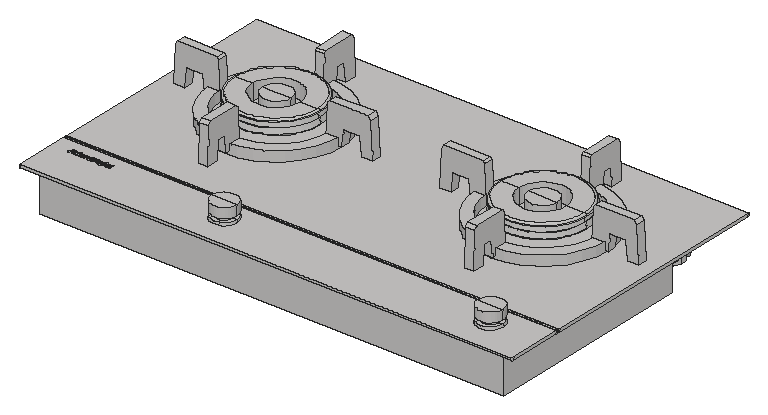
Revit family "CG752DNGGB1 COOKTOP", category Generic Models, Revit 2013
Parameters (values of type "Fisher&Paykel Cooktop CG752DNGGB1")
  Width = 750.000 mm
  URL = "www.fisherpaykel.com"
  Model = "CG752DNGGB1"
  Manufacturer = "Fisher&Paykel"
  Height = 59.150 mm
  Description = "Fisher&Paykel Cooktop CG752DNGGB1"
  Depth = 450.000 mm
  Cooktop = Stainless steel
  Burner = Stainless steel
  Brand = none
  Body = Body
Reference planes
  plane 1 "Center (Front/Back)": y = 15.3
  plane 2: z = 0
  plane 3 "Center (Left/Right)": x = 0
  plane 4: y = 465.3
  plane 5: x = 375
  plane 6: x = -375
  plane 7: y = 240.3
  plane 8: z = 59.15
  plane 9: y = 100.3
  plane 10: y = 103.3
  plane 11: z = 64.15
Forms (mm)
  Extrusion 1, solid, material "Stainless steel" <- "Cooktop"
    sketch origin (0, 0, 0) x (1, 0, 0) y (0, 1, 0)
      loop
        line (353, 26.8) -> (353, 346.576) -> (250.957, 432.2) -> (-353, 432.2) -> (-353, 26.8) -> (353, 26.8)
    from 0 to 59.15
  Extrusion 2, solid, material "Stainless steel" <- "Cooktop"
    sketch origin (0, 0, 0) x (1, 0, 0) y (0, 1, 0)
      loop
        line (373, 465.3) -> (-373, 465.3)
        arc (-373, 465.3) -> (-374.414, 464.714) -> (-375, 463.3) r 2
        line (-375, 463.3) -> (-375, 105.3)
        arc (-375, 105.3) -> (-374.414, 103.886) -> (-373, 103.3) r 2
        line (-373, 103.3) -> (373, 103.3)
        arc (373, 103.3) -> (374.414, 103.886) -> (375, 105.3) r 2
        line (375, 105.3) -> (375, 463.3)
        arc (375, 463.3) -> (374.414, 464.714) -> (373, 465.3) r 2
    from 60.15 to 64.15
  Revolve 3, solid, material "Stainless steel" <- "Burner"
    sketch origin (0, 288.8, 0) x (1, 0, 0) y (0, 0, 1)
      loop
        line (-259.663, 79.3) -> (-202.5, 79.3) -> (-202.5, 102.942) -> (-265.337, 102.942)
        arc (-265.337, 102.942) -> (-267.163, 102.322) -> (-268.234, 100.718) r 3
        line (-268.234, 100.718) -> (-268.545, 99.559) -> (-266.613, 99.041) -> (-264.784, 99.041) -> (-266.166, 91.2) -> (-267.686, 91.2) -> (-269.533, 83.2) -> (-268.533, 82.2) -> (-262.363, 82.2) -> (-259.663, 80.941) -> (-259.663, 79.3)
      axis (-202.5, 79.3) -> (-202.5, 102.942)
    angle from 0 to 360
  Extrusion 4, solid, material "Stainless steel" <- "Burner"
    sketch origin (230.802, 15.3, 0) x (1, 0, 0) y (0, 0, 1)
      loop
        line (-329.018, 68.35) -> (-326.422, 93.05) -> (-302.182, 93.05) -> (-299.302, 65.65) -> (-282.302, 65.65) -> (-284.663, 119.74) -> (-288.033, 125.577)
        arc (-288.033, 125.577) -> (-318.054, 125.149) -> (-348.075, 124.791) r 12978.029
        line (-348.075, 124.791) -> (-350.854, 121.704) -> (-353.184, 68.35) -> (-329.018, 68.35)
    from -280 to -267
  Extrusion 5, solid, material "Stainless steel" <- "Burner"
    sketch origin (0, 15.3, 0) x (1, 0, 0) y (0, 0, 1)
      loop
        line (-353.5, 65.65) -> (-336.5, 65.65) -> (-333.609, 93.152) -> (-309.391, 93.152) -> (-306.784, 68.35) -> (-282.618, 68.35) -> (-284.947, 121.704) -> (-287.726, 124.791)
        arc (-287.726, 124.791) -> (-317.748, 125.149) -> (-347.769, 125.577) r 12978.029
        line (-347.769, 125.577) -> (-351.138, 119.74) -> (-353.5, 65.65)
    from -280 to -267
  Revolve 6, solid, material "Stainless steel" <- "Burner"
    sketch origin (0, 67.3, 0) x (1, 0, 0) y (0, 0, 1)
      loop
        line (-105, 64.15) -> (-105, 87.797) -> (-124.05, 87.797) -> (-124.05, 73.687) -> (-117.263, 73.687) -> (-117.263, 67.693) -> (-123.994, 67.693) -> (-124.53, 64.15) -> (-105, 64.15)
      axis (-105, 64.15) -> (-105, 87.797)
    angle from 0 to 360
  Revolve 7, solid, material "Stainless steel" <- "Burner"
    sketch origin (404.993, 67.3, 0) x (1, 0, 0) y (0, 0, 1)
      loop
        line (-105, 64.15) -> (-105, 87.802) -> (-124.05, 87.802) -> (-124.05, 73.694) -> (-117.263, 73.694) -> (-117.263, 67.696) -> (-123.993, 67.696) -> (-124.53, 64.15) -> (-105, 64.15)
      axis (-105, 64.15) -> (-105, 87.802)
    angle from 0 to 360
  Extrusion 8, solid, material "Stainless steel" <- "Burner"
    sketch origin (-405, -15.5, 0) x (0, 1, 0) y (0, 0, 1)
      loop
        line (444.3, 65.65) -> (441.938, 119.74) -> (438.663, 125.414)
        arc (438.663, 125.414) -> (414.095, 125.079) -> (389.526, 124.791) r 12976.807
        line (389.526, 124.791) -> (386.747, 121.704) -> (384.418, 68.35) -> (408.584, 68.35) -> (411.18, 93.05) -> (424.42, 93.05) -> (427.3, 65.65) -> (444.3, 65.65)
    from 195.929 to 209.071
  Extrusion 9, solid, material "Stainless steel" <- "Burner"
    sketch origin (0, 15.312, 0) x (1, 0, 0) y (0, 1, 0)
      loop
        circle (-202.5, 273.494) r 99.403
      loop
        circle (-202.5, 273.494) r 82.682
    from 64.15 to 79.3
  Extrusion 10, solid, material "Stainless steel" <- "Burner"
    sketch origin (-405, 593.1, 0) x (0, -1, 0) y (0, 0, -1)
      loop
        line (444.3, -65.65) -> (427.3, -65.65) -> (424.42, -93.05) -> (411.036, -93.05) -> (408.584, -68.35) -> (384.418, -68.35) -> (386.747, -121.704) -> (389.526, -124.791)
        arc (389.526, -124.791) -> (414.095, -125.079) -> (438.663, -125.414) r 12976.807
        line (438.663, -125.414) -> (441.938, -119.74) -> (444.3, -65.65)
    from 195.929 to 209.071
  Revolve 11, solid, material "Stainless steel" <- "Burner"
    sketch origin (0, 288.8, 0) x (-1, 0, 0) y (0, 0, -1)
      loop
        line (-258.101, -79.3) -> (-258.101, -80.649) -> (-261.426, -82.2) -> (-268.533, -82.2) -> (-269.533, -83.2) -> (-267.686, -91.2) -> (-266.166, -91.2) -> (-264.784, -99.041) -> (-266.613, -99.041) -> (-268.545, -99.559) -> (-268.234, -100.718)
        arc (-268.234, -100.718) -> (-267.163, -102.322) -> (-265.337, -102.942) r 3
        line (-265.337, -102.942) -> (-202.5, -102.942) -> (-202.5, -79.3) -> (-258.101, -79.3)
      axis (-202.5, -79.3) -> (-202.5, -102.942)
    angle from 0 to 360
  Extrusion 12, solid, material "Stainless steel" <- "Burner"
    sketch origin (-230.802, 15.3, 0) x (-1, 0, 0) y (0, 0, -1)
      loop
        line (-353.184, -68.35) -> (-350.854, -121.704) -> (-348.075, -124.791)
        arc (-348.075, -124.791) -> (-318.054, -125.149) -> (-288.033, -125.577) r 12978.029
        line (-288.033, -125.577) -> (-284.663, -119.74) -> (-282.302, -65.65) -> (-299.302, -65.65) -> (-302.182, -93.05) -> (-326.422, -93.05) -> (-329.018, -68.35) -> (-353.184, -68.35)
    from -280 to -267
  Extrusion 13, solid, material "Stainless steel" <- "Burner"
    sketch origin (0, 15.3, 0) x (-1, 0, 0) y (0, 0, -1)
      loop
        line (-353.5, -65.65) -> (-351.138, -119.74) -> (-347.769, -125.577)
        arc (-347.769, -125.577) -> (-317.748, -125.149) -> (-287.726, -124.791) r 12978.029
        line (-287.726, -124.791) -> (-284.947, -121.704) -> (-282.618, -68.35) -> (-307.316, -68.35) -> (-309.236, -93.05) -> (-333.62, -93.05) -> (-336.5, -65.65) -> (-353.5, -65.65)
    from -280 to -267
  Extrusion 14, solid, material "Stainless steel" <- "Burner"
    sketch origin (405, -15.5, 0) x (0, 1, 0) y (0, 0, -1)
      loop
        line (444.3, -65.65) -> (427.3, -65.65) -> (424.42, -93.05) -> (411.18, -93.05) -> (408.584, -68.35) -> (384.418, -68.35) -> (386.747, -121.704) -> (389.526, -124.791)
        arc (389.526, -124.791) -> (414.095, -125.079) -> (438.663, -125.414) r 12976.807
        line (438.663, -125.414) -> (441.938, -119.74) -> (444.3, -65.65)
    from 195.929 to 209.071
  Extrusion 15, solid, material "Stainless steel" <- "Burner"
    sketch origin (0, 15.312, 0) x (-1, 0, 0) y (0, -1, 0)
      loop
        circle (-202.5, -273.494) r 99.403
      loop
        circle (-202.5, -273.494) r 82.682
    from 64.15 to 79.3
  Extrusion 16, solid, material "Stainless steel" <- "Burner"
    sketch origin (405, 593.1, 0) x (0, -1, 0) y (0, 0, 1)
      loop
        line (444.3, 65.65) -> (441.938, 119.74) -> (438.663, 125.414)
        arc (438.663, 125.414) -> (414.095, 125.079) -> (389.526, 124.791) r 12976.807
        line (389.526, 124.791) -> (386.747, 121.704) -> (384.418, 68.35) -> (408.584, 68.35) -> (411.036, 93.05) -> (424.42, 93.05) -> (427.3, 65.65) -> (444.3, 65.65)
    from 195.929 to 209.071
  Extrusion 17, void
    sketch origin (0, 0, 0) x (1, 0, 0) y (0, 1, 0)
      loop
        circle (-202.482, 288.8) r 21.784
      loop
        circle (-202.482, 288.8) r 36.242
      loop
        circle (202.482, 288.8) r 21.784
      loop
        circle (202.482, 288.8) r 36.242
    from 65.35 to 102.992
  Extrusion 18, solid, material "Stainless steel" <- "Cooktop"
    sketch origin (0, 0, 0) x (1, 0, 0) y (0, 1, 0)
      loop
        line (-373, 15.3) -> (373, 15.3)
        arc (373, 15.3) -> (374.414, 15.886) -> (375, 17.3) r 2
        line (375, 17.3) -> (375, 98.3)
        arc (375, 98.3) -> (374.414, 99.714) -> (373, 100.3) r 2
        line (373, 100.3) -> (-373, 100.3)
        arc (-373, 100.3) -> (-374.414, 99.714) -> (-375, 98.3) r 2
        line (-375, 98.3) -> (-375, 17.3)
        arc (-375, 17.3) -> (-374.414, 15.886) -> (-373, 15.3) r 2
    from 60.15 to 64.15
  Extrusion 19, solid
    sketch origin (0, 15.3, 0) x (1, 0, 0) y (0, 0, 1)
      loop
        line (-372, 59.15) -> (372, 59.15) -> (372, 60.15) -> (-372, 60.15) -> (-372, 59.15)
    from -447 to -3
  Extrusion 20, solid, material "Stainless steel" <- "Cooktop"
    sketch origin (0, 15.3, 0) x (1, 0, 0) y (0, 0, 1)
      loop
        line (373.035, 64.95) -> (-373.035, 64.95)
        arc (-373.035, 64.95) -> (-373.703, 64.673) -> (-373.98, 64.005) r 0.945
        line (-373.98, 64.005) -> (-373.98, 60.15) -> (373.98, 60.15) -> (373.98, 64.005)
        arc (373.98, 64.005) -> (373.703, 64.673) -> (373.035, 64.95) r 0.945
    from -88 to -85
  Revolve 21, solid, material "Stainless steel" <- "Cooktop"
    sketch origin (75, 189.71, 29.65) x (1, 0, 0) y (0, 1, 0)
      loop
        line (263.45, 169.075) -> (263.45, 188.45) -> (255.5, 188.45) -> (255.5, 169.075) -> (263.45, 169.075)
      axis (255.5, 188.45) -> (255.5, 169.075)
    angle from 0 to 360
  Extrusion 22, solid, material "Stainless steel" <- "Cooktop"
    sketch origin (75, 184.866, 623.091) x (1, 0, 0) y (0, 0, 1)
      loop
        line (268.2, -586.07) -> (255.5, -578.737) -> (242.8, -586.07) -> (242.8, -600.735) -> (255.5, -608.067) -> (268.2, -600.735) -> (268.2, -586.07)
      loop
        circle (255.5, -593.402) r 7.95
    from -200.294 to -193.294
  Revolve 23, solid, material "Stainless steel" <- "Cooktop"
    sketch origin (75, 189.71, 29.688) x (1, 0, 0) y (0, 1, 0)
      loop
        line (264.75, 198.45) -> (255.5, 198.45) -> (255.5, 195.45) -> (264.75, 195.45) -> (264.75, 198.45)
      axis (255.5, 195.45) -> (255.5, 198.45)
    angle from 0 to 360
  Revolve 24, solid, material "Stainless steel" <- "Cooktop"
    sketch origin (75, 189.71, 29.688) x (1, 0, 0) y (0, 1, 0)
      loop
        line (265.93, 207.45) -> (264.93, 208.45) -> (255.5, 208.45) -> (255.5, 198.45) -> (264.75, 198.45) -> (265.93, 199.131) -> (265.93, 207.45)
      axis (255.5, 198.45) -> (255.5, 208.45)
    angle from 0 to 360
  Revolve 25, solid, material "Stainless steel" <- "Cooktop"
    sketch origin (75, 189.71, 29.687) x (1, 0, 0) y (0, 1, 0)
      loop
        line (263.9, 210.55) -> (255.5, 210.55) -> (255.5, 208.455) -> (263.9, 208.455)
        arc (263.9, 208.455) -> (264.324, 208.63) -> (264.5, 209.055) r 0.6
        line (264.5, 209.055) -> (264.5, 209.95)
        arc (264.5, 209.95) -> (264.324, 210.374) -> (263.9, 210.55) r 0.6
      axis (255.5, 208.455) -> (255.5, 210.55)
    angle from 0 to 360
  Extrusion 26, solid, material <- "Brand"
    sketch origin (-317.398, 34.3, -235.936) x (1, 0, 0) y (0, 1, 0)
      loop
        line (-30.953, 48.191) -> (-32.602, 42) -> (-31.116, 42) -> (-30.444, 44.543) -> (-26.996, 44.543) -> (-26.73, 45.526) -> (-30.177, 45.526) -> (-29.735, 47.208) -> (-26.103, 47.208) -> (-25.836, 48.191) -> (-30.953, 48.191)
      loop
        line (-25.656, 47.301) -> (-24.344, 47.301) -> (-24.101, 48.191) -> (-25.412, 48.191) -> (-25.656, 47.301)
      loop
        line (-25.913, 46.334) -> (-27.061, 42) -> (-25.749, 42) -> (-24.599, 46.334) -> (-25.913, 46.334)
      loop
        line (29.651, 42) -> (30.963, 42) -> (32.611, 48.191) -> (31.299, 48.191) -> (29.651, 42)
      loop
        spline (-17.927, 44.459) -> (-17.736, 44.873) -> (-17.532, 45.165) -> (-17.315, 45.355) -> (-17.083, 45.464) -> (-16.835, 45.515) -> (-16.57, 45.528) -> (-16.288, 45.522) -> (-16.008, 45.495) -> (-15.763, 45.428) -> (-15.587, 45.301) -> (-15.512, 45.096) -> (-15.571, 44.794)
        line (-15.571, 44.794) -> (-16.314, 42) -> (-15.002, 42) -> (-14.225, 44.942)
        spline (-14.225, 44.942) -> (-14.121, 45.59) -> (-14.294, 45.988) -> (-14.6, 46.208) -> (-14.904, 46.319) -> (-15.172, 46.364) -> (-15.417, 46.374) -> (-15.658, 46.373) -> (-15.914, 46.372) -> (-16.209, 46.367) -> (-16.568, 46.328) -> (-17.025, 46.129) -> (-17.613, 45.62)
        line (-17.613, 45.62) -> (-16.929, 48.191) -> (-18.24, 48.191) -> (-19.888, 42) -> (-18.576, 42) -> (-17.927, 44.459)
      loop
        line (-6.508, 46.334) -> (-7.819, 46.334) -> (-8.968, 42) -> (-7.655, 42) -> (-6.983, 44.551)
        spline (-6.983, 44.551) -> (-6.825, 44.942) -> (-6.666, 45.208) -> (-6.502, 45.374) -> (-6.328, 45.467) -> (-6.14, 45.512) -> (-5.935, 45.535) -> (-5.714, 45.55) -> (-5.504, 45.537) -> (-5.332, 45.468) -> (-5.228, 45.317) -> (-5.222, 45.055) -> (-5.342, 44.655)
        line (-5.342, 44.655) -> (-4.104, 44.655)
        spline (-4.104, 44.655) -> (-3.933, 45.488) -> (-3.978, 45.922) -> (-4.147, 46.117) -> (-4.349, 46.226) -> (-4.553, 46.308) -> (-4.765, 46.36) -> (-4.99, 46.385) -> (-5.239, 46.387) -> (-5.523, 46.375) -> (-5.859, 46.31) -> (-6.277, 46.089) -> (-6.804, 45.601)
        line (-6.804, 45.601) -> (-6.508, 46.334)
      loop
        line (15.879, 42) -> (16.66, 42)
        arc (16.66, 42) -> (16.268, 41.456) -> (15.756, 41.023) r 2.757
        arc (15.756, 41.023) -> (15.343, 40.878) -> (14.905, 40.858) r 1.509
        line (14.905, 40.858) -> (14.697, 40.097)
        arc (14.697, 40.097) -> (15.285, 40.084) -> (15.87, 40.159) r 3.922
        arc (15.87, 40.159) -> (16.608, 40.447) -> (17.208, 40.963) r 2.353
        arc (17.208, 40.963) -> (17.497, 41.337) -> (17.761, 41.73) r 7.064
        line (17.761, 41.73) -> (20.407, 46.334) -> (19.05, 46.334) -> (17.017, 42.678) -> (16.646, 46.334) -> (15.254, 46.334) -> (15.879, 42)
      loop
        line (19.436, 42) -> (20.748, 42) -> (21.258, 43.92) -> (22.039, 43.92) -> (23.292, 42) -> (24.905, 42) -> (23.246, 44.292) -> (25.671, 46.334) -> (24.162, 46.334) -> (22.26, 44.646) -> (21.456, 44.646) -> (22.394, 48.191) -> (21.084, 48.191) -> (19.436, 42)
      loop
        line (2.998, 42) -> (4.483, 42) -> (5.017, 43.995) -> (6.747, 43.995)
        spline (6.747, 43.995) -> (7.933, 44.048) -> (8.739, 44.196) -> (9.27, 44.422) -> (9.631, 44.71) -> (9.89, 45.057) -> (10.084, 45.469) -> (10.251, 45.951) -> (10.415, 46.505) -> (10.469, 47.083) -> (10.237, 47.607) -> (9.543, 48.002) -> (8.209, 48.191)
        line (8.209, 48.191) -> (4.646, 48.191) -> (2.998, 42)
      loop
        line (5.865, 47.208) -> (5.285, 45.016) -> (6.956, 45.016)
        spline (6.956, 45.016) -> (7.522, 44.999) -> (7.939, 45.072) -> (8.239, 45.22) -> (8.451, 45.427) -> (8.606, 45.677) -> (8.733, 45.954) -> (8.843, 46.241) -> (8.901, 46.521) -> (8.862, 46.775) -> (8.682, 46.987) -> (8.318, 47.137) -> (7.725, 47.208)
        line (7.725, 47.208) -> (5.865, 47.208)
      loop
        line (-12.473, 44.626) -> (-10.105, 44.626)
        spline (-10.105, 44.626) -> (-9.998, 45.033) -> (-10.042, 45.309) -> (-10.205, 45.479) -> (-10.456, 45.567) -> (-10.763, 45.597) -> (-11.095, 45.593) -> (-11.42, 45.574) -> (-11.724, 45.529) -> (-11.992, 45.436) -> (-12.215, 45.269) -> (-12.379, 45.007) -> (-12.473, 44.626)
      loop
        arc (-8.991, 43.977) -> (-8.82, 44.525) -> (-8.699, 45.086) r 6.578
        arc (-8.699, 45.086) -> (-8.767, 45.677) -> (-9.142, 46.139) r 1.061
        arc (-9.142, 46.139) -> (-10.343, 46.352) -> (-11.564, 46.335) r 6.441
        arc (-11.564, 46.335) -> (-12.678, 46.071) -> (-13.512, 45.287) r 2.216
        arc (-13.512, 45.287) -> (-14.004, 44.033) -> (-14.018, 42.686) r 3.733
        arc (-14.018, 42.686) -> (-13.551, 42.132) -> (-12.849, 41.954) r 1.185
        arc (-12.849, 41.954) -> (-11.682, 41.922) -> (-10.517, 42.002) r 12.327
        arc (-10.517, 42.002) -> (-9.541, 42.406) -> (-9.137, 43.382) r 1.38
        line (-9.137, 43.382) -> (-10.442, 43.382)
        spline (-10.442, 43.382) -> (-10.633, 43.06) -> (-10.878, 42.862) -> (-11.16, 42.761) -> (-11.465, 42.73) -> (-11.776, 42.742) -> (-12.078, 42.77) -> (-12.352, 42.807) -> (-12.581, 42.876) -> (-12.745, 43.003) -> (-12.826, 43.212) -> (-12.803, 43.529) -> (-12.659, 43.977)
        line (-12.659, 43.977) -> (-8.991, 43.977)
      loop
        line (26.22, 44.646) -> (28.587, 44.646)
        spline (28.587, 44.646) -> (28.695, 45.053) -> (28.651, 45.329) -> (28.488, 45.499) -> (28.237, 45.586) -> (27.929, 45.616) -> (27.598, 45.612) -> (27.272, 45.593) -> (26.969, 45.549) -> (26.7, 45.455) -> (26.478, 45.289) -> (26.314, 45.027) -> (26.22, 44.646)
      loop
        arc (29.702, 43.997) -> (29.872, 44.545) -> (29.994, 45.106) r 6.578
        arc (29.994, 45.106) -> (29.926, 45.697) -> (29.551, 46.159) r 1.061
        arc (29.551, 46.159) -> (28.349, 46.372) -> (27.129, 46.354) r 6.441
        arc (27.129, 46.354) -> (26.015, 46.091) -> (25.18, 45.306) r 2.216
        arc (25.18, 45.306) -> (24.689, 44.052) -> (24.675, 42.705) r 3.733
        arc (24.675, 42.705) -> (25.141, 42.152) -> (25.843, 41.973) r 1.185
        arc (25.843, 41.973) -> (27.011, 41.942) -> (28.175, 42.021) r 12.327
        arc (28.175, 42.021) -> (29.151, 42.425) -> (29.556, 43.402) r 1.38
        line (29.556, 43.402) -> (28.251, 43.402)
        spline (28.251, 43.402) -> (28.06, 43.08) -> (27.815, 42.882) -> (27.532, 42.781) -> (27.228, 42.75) -> (26.917, 42.761) -> (26.615, 42.789) -> (26.341, 42.826) -> (26.112, 42.896) -> (25.948, 43.023) -> (25.867, 43.232) -> (25.889, 43.548) -> (26.034, 43.997)
        line (26.034, 43.997) -> (29.702, 43.997)
      loop
        spline (14.905, 44.831) -> (14.952, 45.575) -> (14.749, 45.987) -> (14.392, 46.182) -> (13.973, 46.273) -> (13.542, 46.331) -> (13.095, 46.368) -> (12.626, 46.393) -> (12.125, 46.413) -> (11.602, 46.394) -> (11.088, 46.234) -> (10.615, 45.831) -> (10.217, 45.081)
        line (10.217, 45.081) -> (11.539, 45.081)
        arc (11.539, 45.081) -> (11.716, 45.506) -> (12.141, 45.683) r 0.602
        arc (12.141, 45.683) -> (12.791, 45.729) -> (13.429, 45.593) r 2.319
        arc (13.429, 45.593) -> (13.622, 45.22) -> (13.568, 44.805) r 0.7
        line (13.568, 44.805) -> (13.339, 44.058)
        spline (13.339, 44.058) -> (12.245, 44.554) -> (11.326, 44.546) -> (10.604, 44.382) -> (10.059, 44.063) -> (9.687, 43.586) -> (9.523, 43.039) -> (9.567, 42.569) -> (9.83, 42.263) -> (10.377, 42.066) -> (11.192, 41.955) -> (12.196, 42.06) -> (13.211, 42.909)
        line (13.211, 42.909) -> (12.84, 42) -> (14.151, 42) -> (14.905, 44.831)
      loop
        spline (10.791, 43.189) -> (10.85, 43.028) -> (10.988, 42.886) -> (11.196, 42.773) -> (11.459, 42.697) -> (11.761, 42.663) -> (12.08, 42.673) -> (12.395, 42.727) -> (12.683, 42.821) -> (12.926, 42.948) -> (13.107, 43.1) -> (13.214, 43.267) -> (13.239, 43.437)
        spline (13.239, 43.437) -> (13.181, 43.598) -> (13.043, 43.74) -> (12.835, 43.853) -> (12.571, 43.929) -> (12.269, 43.963) -> (11.95, 43.952) -> (11.636, 43.899) -> (11.347, 43.805) -> (11.104, 43.677) -> (10.923, 43.525) -> (10.816, 43.359) -> (10.791, 43.189)
      loop
        spline (-25.091, 43.365) -> (-24.368, 41.974) -> (-22.868, 41.868) -> (-21.596, 42.032) -> (-20.619, 42.442) -> (-20.004, 43.175) -> (-19.942, 44) -> (-20.657, 44.502) -> (-22.028, 44.588) -> (-23.017, 44.731) -> (-23.144, 45.238) -> (-22.057, 45.702) -> (-20.968, 45.146)
        line (-20.968, 45.146) -> (-19.702, 45.146)
        spline (-19.702, 45.146) -> (-20.343, 46.27) -> (-21.728, 46.416) -> (-22.949, 46.35) -> (-23.902, 45.984) -> (-24.392, 45.158) -> (-24.435, 44.26) -> (-23.558, 43.881) -> (-22.302, 43.821) -> (-21.435, 43.661) -> (-21.308, 43.146) -> (-22.51, 42.606) -> (-23.602, 43.365)
        line (-23.602, 43.365) -> (-25.091, 43.365)
      loop
        arc (1.581, 43.253) -> (1.836, 43.853) -> (1.985, 44.487) r 3.817
        line (1.985, 44.487) -> (1.204, 44.487)
        arc (1.204, 44.487) -> (1.115, 44.103) -> (1, 43.726) r 5.753
        line (1, 43.726) -> (-0.639, 45.055)
        spline (-0.639, 45.055) -> (1.145, 45.487) -> (1.638, 45.914) -> (1.852, 46.489) -> (1.755, 47.074) -> (1.332, 47.367) -> (0.759, 47.514) -> (0.083, 47.596) -> (-0.69, 47.598) -> (-1.41, 47.449) -> (-1.97, 47.09) -> (-2.36, 46.487) -> (-2.16, 45.237)
        spline (-2.16, 45.237) -> (-3.4, 44.72) -> (-3.75, 44.178) -> (-3.901, 43.635) -> (-3.998, 43.033) -> (-3.893, 42.512) -> (-3.501, 42.221) -> (-2.981, 42.061) -> (-2.42, 41.973) -> (-1.798, 41.942) -> (-1.003, 41.939) -> (0.023, 42.04) -> (1.156, 42.614)
        line (1.156, 42.614) -> (2.01, 41.939) -> (2.608, 42.441) -> (1.581, 43.253)
      loop
        spline (-1.714, 44.884) -> (-2.588, 44.583) -> (-2.927, 44.075) -> (-3.094, 43.547) -> (-3.165, 43.101) -> (-3.068, 42.793) -> (-2.802, 42.621) -> (-2.43, 42.538) -> (-1.983, 42.502) -> (-1.428, 42.492) -> (-0.727, 42.496) -> (0.025, 42.613) -> (0.617, 43.041)
        line (0.617, 43.041) -> (-1.714, 44.884)
      loop
        line (-1.059, 45.395) -> (0.136, 45.584)
        spline (0.136, 45.584) -> (0.942, 46.002) -> (1.066, 46.466) -> (1.028, 46.78) -> (0.826, 46.95) -> (0.458, 47.013) -> (0.008, 47.02) -> (-0.45, 46.997) -> (-0.853, 46.94) -> (-1.175, 46.82) -> (-1.452, 46.567) -> (-1.592, 46.108) -> (-1.059, 45.395)
    from 300.086 to 300.529
  Extrusion 27, void
    sketch origin (0, 189.5, 0) x (1, 0, 0) y (0, 1, 0)
      loop
        line (-31, 242.7) -> (-31, 153.3) -> (31, 153.3) -> (31, 242.7) -> (-31, 242.7)
    from 0 to 30
  Revolve 28, solid, material "Stainless steel" <- "Cooktop"
    sketch origin (0, 189.5, 15) x (1, 0, 0) y (0, 1, 0)
      loop
        line (0, 242.7) -> (-3, 242.7) -> (-3, 229.613) -> (0, 229.613) -> (0, 242.7)
      axis (0, 229.613) -> (0, 242.7)
    angle from 0 to 360
  Extrusion 29, solid, material "Stainless steel" <- "Cooktop"
    sketch origin (0, 189.5, 0) x (1, 0, 0) y (0, 1, 0)
      loop
        line (-20, 171.023) -> (20, 171.023) -> (20, 229.613) -> (-20, 229.613) -> (-20, 171.023)
    from 0 to 30
Cuts and joins
  Extrusion 17, Extrusion 27 cuts Extrusion 1
  Extrusion 17 cuts Extrusion 2
  Extrusion 17 cuts Revolve 3
  Extrusion 17 cuts Revolve 11
Lines and regions (mm)
  model lines
    curve 1: line (-20, 363.303, 0) -> (20, 363.303, 0)
    curve 2: line (-20, 398.894, 0) -> (20, 398.894, 0)
Dimensions and locks
  "Width": plane 6 to plane 5
  equal spacing: plane 6, plane 3 "Center (Left/Right)", plane 5
  equal spacing: plane 1 "Center (Front/Back)", plane 7, plane 4
  "Height": plane 8 to level
  "Depth": plane 4 to plane 1 "Center (Front/Back)"
  plane 10 to plane 9 to plane 1 "Center (Front/Back)" = 3.000 mm, 85.000 mm
  plane 11 to Extrusion 18 = 4.000 mm
  aligned and locked: plane 8 to cut or joined group of Extrusion 1, Extrusion 17, Extrusion 27
  aligned and locked: Extrusion 9 to plane 11
Automatic sketch dimensions
  Extrusion 2 sketch curve to plane 4 = 0.000 mm
  plane 6 to Extrusion 2 sketch curve = 2.000 mm
  plane 8 to Revolve 6 sketch curve = 5.000 mm
  Revolve 6 sketch curve to plane 3 "Center (Left/Right)" = 124.530 mm
  Revolve 6 sketch curve to Revolve 6 sketch curve = 0.480 mm
  plane 8 to Revolve 6 sketch curve = 8.543 mm
  Revolve 6 sketch curve to Revolve 6 sketch curve = 0.537 mm
  Revolve 6 sketch curve to Revolve 6 sketch curve = 6.787 mm
  Revolve 6 sketch curve to Revolve 6 sketch curve = 12.263 mm
  Revolve 6 sketch curve to Revolve 6 sketch curve = 0.000 mm  (x2)
  Revolve 6 sketch curve to Revolve 6 sketch curve = 5.994 mm
  Revolve 6 sketch curve to Revolve 6 sketch curve = 14.109 mm
  Revolve 6 sketch curve to Revolve 6 sketch curve = 0.047 mm
  Revolve 6 sketch curve to Revolve 6 sketch curve = 4.953 mm
  plane 8 to Revolve 7 sketch curve = 5.000 mm
  Revolve 7 sketch curve to plane 5 = 94.537 mm
  Revolve 7 sketch curve to Revolve 7 sketch curve = 0.480 mm
  plane 8 to Revolve 7 sketch curve = 8.546 mm
  Revolve 7 sketch curve to Revolve 7 sketch curve = 0.537 mm
  Revolve 7 sketch curve to Revolve 7 sketch curve = 6.787 mm
  Revolve 7 sketch curve to Revolve 7 sketch curve = 12.263 mm
  Revolve 7 sketch curve to Revolve 7 sketch curve = 0.000 mm  (x2)
  Revolve 7 sketch curve to Revolve 7 sketch curve = 5.998 mm
  Revolve 7 sketch curve to Revolve 7 sketch curve = 14.107 mm
  Revolve 7 sketch curve to Revolve 7 sketch curve = 0.052 mm
  Revolve 7 sketch curve to Revolve 7 sketch curve = 4.948 mm
  Extrusion 9 sketch curve to Extrusion 9 sketch curve = 0.000 mm  (x2)
  plane 7 to Extrusion 9 sketch curve = 48.507 mm
  plane 6 to Extrusion 9 sketch curve = 172.500 mm
  Extrusion 15 sketch curve to Extrusion 15 sketch curve = 0.000 mm  (x2)
  Extrusion 15 sketch curve to plane 7 = 48.507 mm
  plane 5 to Extrusion 15 sketch curve = 172.500 mm
  Extrusion 17 sketch curve to Extrusion 17 sketch curve = 0.000 mm  (x4)
  plane 7 to Extrusion 17 sketch curve = 48.500 mm  (x2)
  plane 6 to Extrusion 17 sketch curve = 172.518 mm
  Extrusion 17 sketch curve to plane 5 = 172.518 mm
  plane 11 to Revolve 3 sketch curve = 19.050 mm
  plane 6 to Revolve 3 sketch curve = 105.467 mm
  plane 11 to Revolve 3 sketch curve = 15.150 mm
  plane 11 to Revolve 3 sketch curve = 35.409 mm
  Revolve 3 sketch curve to Revolve 3 sketch curve = 0.988 mm
  plane 11 to Revolve 3 sketch curve = 18.050 mm
  Revolve 3 sketch curve to Revolve 3 sketch curve = 1.000 mm
  Revolve 3 sketch curve to Revolve 3 sketch curve = 0.311 mm
  plane 11 to Revolve 3 sketch curve = 27.050 mm
  Revolve 3 sketch curve to Revolve 3 sketch curve = 1.847 mm
  Revolve 3 sketch curve to Revolve 3 sketch curve = 1.932 mm
  Revolve 3 sketch curve to Revolve 3 sketch curve = 2.898 mm
  Revolve 3 sketch curve to Revolve 3 sketch curve = 0.553 mm
  Revolve 3 sketch curve to Revolve 3 sketch curve = 6.169 mm
  plane 11 to Revolve 3 sketch curve = 16.791 mm
  Revolve 3 sketch curve to Revolve 3 sketch curve = 2.700 mm
  Revolve 3 sketch curve to Revolve 3 sketch curve = 57.163 mm
  plane 11 to Revolve 3 sketch curve = 34.891 mm
  Revolve 3 sketch curve to Revolve 3 sketch curve = 0.000 mm  (x2)
  Revolve 3 sketch curve to Revolve 3 sketch curve = 2.224 mm
  Revolve 3 sketch curve to Revolve 3 sketch curve = 10.000 mm
  plane 6 to Revolve 3 sketch curve = 108.834 mm
  plane 11 to Revolve 11 sketch curve = 19.050 mm
  Revolve 11 sketch curve to plane 5 = 105.467 mm
  plane 11 to Revolve 11 sketch curve = 38.792 mm
  plane 11 to Revolve 11 sketch curve = 35.409 mm
  Revolve 11 sketch curve to Revolve 11 sketch curve = 0.988 mm
  plane 11 to Revolve 11 sketch curve = 18.050 mm
  Revolve 11 sketch curve to Revolve 11 sketch curve = 1.000 mm
  plane 11 to Revolve 11 sketch curve = 36.568 mm
  Revolve 11 sketch curve to Revolve 11 sketch curve = 0.311 mm
  Revolve 11 sketch curve to Revolve 11 sketch curve = 1.847 mm
  Revolve 11 sketch curve to Revolve 11 sketch curve = 2.898 mm
  Revolve 11 sketch curve to Revolve 11 sketch curve = 7.107 mm
  Revolve 11 sketch curve to Revolve 11 sketch curve = 3.325 mm
  Revolve 11 sketch curve to Revolve 11 sketch curve = 55.601 mm
  plane 11 to Revolve 11 sketch curve = 27.050 mm
  Revolve 11 sketch curve to Revolve 11 sketch curve = 0.000 mm  (x2)
  Revolve 11 sketch curve to Revolve 11 sketch curve = 1.551 mm
  plane 11 to Revolve 11 sketch curve = 15.150 mm
  Revolve 11 sketch curve to Revolve 11 sketch curve = 10.000 mm
  Revolve 11 sketch curve to plane 5 = 108.834 mm
  Revolve 11 sketch curve to Revolve 11 sketch curve = 0.553 mm
  plane 11 to Revolve 11 sketch curve = 34.891 mm
  Extrusion 2 sketch curve to plane 4 = 2.000 mm
  plane 10 to Extrusion 2 sketch curve = 2.000 mm  (x2)
  Extrusion 2 sketch curve to plane 10 = 0.000 mm
  Extrusion 2 sketch curve to plane 5 = 0.000 mm
  Extrusion 2 sketch curve to plane 6 = 0.000 mm
  plane 6 to Extrusion 18 sketch curve = 2.000 mm
  Extrusion 18 sketch curve to plane 5 = 2.000 mm  (x2)
  plane 1 "Center (Front/Back)" to Extrusion 18 sketch curve = 0.000 mm
  Extrusion 18 sketch curve to plane 6 = 0.000 mm
  Extrusion 18 sketch curve to plane 1 "Center (Front/Back)" = 2.000 mm
  Extrusion 18 sketch curve to plane 9 = 0.000 mm
  Extrusion 18 sketch curve to plane 5 = 0.000 mm
  Extrusion 12 sketch curve to Extrusion 12 sketch curve = 24.166 mm
  Extrusion 12 sketch curve to Extrusion 12 sketch curve = 2.596 mm
  Extrusion 12 sketch curve to Extrusion 12 sketch curve = 24.240 mm
  Extrusion 12 sketch curve to Extrusion 12 sketch curve = 2.880 mm
  Extrusion 12 sketch curve to Extrusion 12 sketch curve = 17.000 mm
  Extrusion 12 sketch curve to Extrusion 12 sketch curve = 27.400 mm
  Extrusion 12 sketch curve to plane 11 = 4.200 mm
  Extrusion 12 sketch curve to plane 3 "Center (Left/Right)" = 122.382 mm
  Extrusion 12 sketch curve to plane 11 = 1.500 mm
  Extrusion 12 sketch curve to Extrusion 12 sketch curve = 17.518 mm
  Extrusion 12 sketch curve to Extrusion 12 sketch curve = 26.690 mm
  Extrusion 12 sketch curve to Extrusion 12 sketch curve = 3.370 mm
  Extrusion 12 sketch curve to Extrusion 12 sketch curve = 5.837 mm
  plane 5 to Extrusion 12 sketch curve = 117.812 mm
  Extrusion 12 sketch curve to Extrusion 12 sketch curve = 21.653 mm
  Extrusion 12 sketch curve to Extrusion 12 sketch curve = 31.741 mm
  Extrusion 12 sketch curve to plane 11 = 57.554 mm
  Extrusion 12 sketch curve to Extrusion 12 sketch curve = 2.779 mm
  plane 11 to Extrusion 4 sketch curve = 4.200 mm
  plane 11 to Extrusion 4 sketch curve = 1.500 mm
  plane 11 to Extrusion 4 sketch curve = 57.554 mm
  Extrusion 4 sketch curve to Extrusion 4 sketch curve = 2.779 mm
  plane 11 to Extrusion 4 sketch curve = 28.900 mm
  Extrusion 4 sketch curve to Extrusion 4 sketch curve = 24.240 mm
  Extrusion 4 sketch curve to Extrusion 4 sketch curve = 2.880 mm
  Extrusion 4 sketch curve to Extrusion 4 sketch curve = 14.148 mm
  Extrusion 4 sketch curve to Extrusion 4 sketch curve = 3.370 mm
  Extrusion 4 sketch curve to Extrusion 4 sketch curve = 17.000 mm
  plane 6 to Extrusion 4 sketch curve = 117.812 mm
  Extrusion 4 sketch curve to plane 3 "Center (Left/Right)" = 98.216 mm
  Extrusion 4 sketch curve to Extrusion 4 sketch curve = 26.690 mm
  Extrusion 4 sketch curve to Extrusion 4 sketch curve = 3.087 mm
  Extrusion 4 sketch curve to Extrusion 4 sketch curve = 5.837 mm
  Extrusion 4 sketch curve to plane 3 "Center (Left/Right)" = 120.053 mm
  Extrusion 4 sketch curve to Extrusion 4 sketch curve = 24.432 mm
  Extrusion 4 sketch curve to Extrusion 4 sketch curve = 24.166 mm
  plane 11 to Extrusion 5 sketch curve = 1.500 mm
  plane 6 to Extrusion 5 sketch curve = 21.500 mm
  plane 11 to Extrusion 5 sketch curve = 4.200 mm
  plane 6 to Extrusion 5 sketch curve = 23.862 mm
  Extrusion 5 sketch curve to Extrusion 5 sketch curve = 3.370 mm
  Extrusion 5 sketch curve to Extrusion 5 sketch curve = 17.000 mm
  Extrusion 5 sketch curve to Extrusion 5 sketch curve = 2.891 mm
  Extrusion 5 sketch curve to Extrusion 5 sketch curve = 24.219 mm
  Extrusion 5 sketch curve to Extrusion 5 sketch curve = 2.607 mm
  Extrusion 5 sketch curve to Extrusion 5 sketch curve = 21.664 mm
  Extrusion 5 sketch curve to Extrusion 5 sketch curve = 2.779 mm
  Extrusion 5 sketch curve to Extrusion 5 sketch curve = 24.166 mm
  Extrusion 5 sketch curve to plane 3 "Center (Left/Right)" = 147.812 mm
  Extrusion 5 sketch curve to Extrusion 5 sketch curve = 24.802 mm
  Extrusion 5 sketch curve to Extrusion 5 sketch curve = 26.589 mm
  Extrusion 5 sketch curve to Extrusion 5 sketch curve = 28.553 mm
  Extrusion 5 sketch curve to Extrusion 5 sketch curve = 3.087 mm
  Extrusion 5 sketch curve to Extrusion 5 sketch curve = 5.837 mm
  Extrusion 13 sketch curve to plane 11 = 1.500 mm
  plane 5 to Extrusion 13 sketch curve = 21.500 mm
  plane 5 to Extrusion 13 sketch curve = 23.862 mm
  Extrusion 13 sketch curve to Extrusion 13 sketch curve = 3.370 mm
  Extrusion 13 sketch curve to Extrusion 13 sketch curve = 17.000 mm
  Extrusion 13 sketch curve to Extrusion 13 sketch curve = 2.880 mm
  Extrusion 13 sketch curve to Extrusion 13 sketch curve = 24.384 mm
  Extrusion 13 sketch curve to Extrusion 13 sketch curve = 1.920 mm
  Extrusion 13 sketch curve to Extrusion 13 sketch curve = 21.510 mm
  Extrusion 13 sketch curve to Extrusion 13 sketch curve = 2.779 mm
  Extrusion 13 sketch curve to plane 3 "Center (Left/Right)" = 147.812 mm
  Extrusion 13 sketch curve to Extrusion 13 sketch curve = 26.690 mm
  Extrusion 13 sketch curve to Extrusion 13 sketch curve = 28.654 mm
  Extrusion 13 sketch curve to Extrusion 13 sketch curve = 3.087 mm
  Extrusion 13 sketch curve to Extrusion 13 sketch curve = 5.837 mm
  plane 5 to Extrusion 13 sketch curve = 92.382 mm
  Extrusion 13 sketch curve to plane 11 = 28.900 mm
  Extrusion 13 sketch curve to plane 11 = 4.200 mm
  Extrusion 19 sketch curve to plane 8 = 0.000 mm
  plane 8 to Extrusion 19 sketch curve = 1.000 mm
  plane 6 to Extrusion 19 sketch curve = 3.000 mm
  Extrusion 19 sketch curve to plane 5 = 3.000 mm
  Extrusion 20 sketch curve to plane 11 = 0.145 mm  (x2)
  plane 6 to Extrusion 20 sketch curve = 1.020 mm
  plane 8 to Extrusion 20 sketch curve = 1.000 mm
  plane 11 to Extrusion 20 sketch curve = 0.800 mm
  Extrusion 20 sketch curve to plane 5 = 1.965 mm
  plane 11 to Extrusion 8 sketch curve = 4.200 mm
  Extrusion 8 sketch curve to plane 4 = 96.382 mm
  plane 11 to Extrusion 8 sketch curve = 1.500 mm
  Extrusion 8 sketch curve to Extrusion 8 sketch curve = 2.330 mm
  Extrusion 8 sketch curve to Extrusion 8 sketch curve = 2.779 mm
  Extrusion 8 sketch curve to Extrusion 8 sketch curve = 24.166 mm
  Extrusion 8 sketch curve to Extrusion 8 sketch curve = 2.596 mm
  Extrusion 8 sketch curve to Extrusion 8 sketch curve = 13.240 mm
  Extrusion 8 sketch curve to Extrusion 8 sketch curve = 18.716 mm
  Extrusion 8 sketch curve to Extrusion 8 sketch curve = 14.243 mm
  Extrusion 8 sketch curve to Extrusion 8 sketch curve = 3.275 mm
  Extrusion 8 sketch curve to Extrusion 8 sketch curve = 17.000 mm
  Extrusion 8 sketch curve to plane 7 = 6.173 mm
  Extrusion 8 sketch curve to Extrusion 8 sketch curve = 24.700 mm
  Extrusion 8 sketch curve to Extrusion 8 sketch curve = 26.690 mm
  Extrusion 8 sketch curve to Extrusion 8 sketch curve = 28.654 mm
  Extrusion 8 sketch curve to Extrusion 8 sketch curve = 3.087 mm
  Extrusion 8 sketch curve to Extrusion 8 sketch curve = 5.673 mm
  plane 11 to Extrusion 10 sketch curve = 4.200 mm
  Extrusion 10 sketch curve to plane 7 = 31.618 mm
  plane 11 to Extrusion 10 sketch curve = 61.264 mm
  Extrusion 10 sketch curve to plane 7 = 33.947 mm
  Extrusion 10 sketch curve to Extrusion 10 sketch curve = 2.779 mm
  plane 11 to Extrusion 10 sketch curve = 28.900 mm
  Extrusion 10 sketch curve to Extrusion 10 sketch curve = 26.618 mm
  Extrusion 10 sketch curve to Extrusion 10 sketch curve = 13.384 mm
  plane 11 to Extrusion 10 sketch curve = 1.500 mm
  Extrusion 10 sketch curve to Extrusion 10 sketch curve = 2.880 mm
  Extrusion 10 sketch curve to Extrusion 10 sketch curve = 14.243 mm
  Extrusion 10 sketch curve to Extrusion 10 sketch curve = 3.275 mm
  Extrusion 10 sketch curve to Extrusion 10 sketch curve = 17.000 mm
  plane 7 to Extrusion 10 sketch curve = 103.173 mm
  Extrusion 10 sketch curve to Extrusion 10 sketch curve = 18.716 mm
  Extrusion 10 sketch curve to Extrusion 10 sketch curve = 31.741 mm
  Extrusion 10 sketch curve to Extrusion 10 sketch curve = 3.087 mm
  Extrusion 10 sketch curve to Extrusion 10 sketch curve = 5.673 mm
  plane 11 to Extrusion 16 sketch curve = 4.200 mm
  Extrusion 16 sketch curve to plane 7 = 31.618 mm
  plane 11 to Extrusion 16 sketch curve = 1.500 mm
  Extrusion 16 sketch curve to plane 7 = 33.947 mm
  Extrusion 16 sketch curve to Extrusion 16 sketch curve = 2.779 mm
  Extrusion 16 sketch curve to Extrusion 16 sketch curve = 24.166 mm
  Extrusion 16 sketch curve to Extrusion 16 sketch curve = 13.384 mm
  Extrusion 16 sketch curve to Extrusion 16 sketch curve = 14.243 mm
  Extrusion 16 sketch curve to Extrusion 16 sketch curve = 3.275 mm
  Extrusion 16 sketch curve to Extrusion 16 sketch curve = 17.000 mm
  plane 7 to Extrusion 16 sketch curve = 103.173 mm
  Extrusion 16 sketch curve to Extrusion 16 sketch curve = 26.690 mm
  Extrusion 16 sketch curve to Extrusion 16 sketch curve = 28.654 mm
  Extrusion 16 sketch curve to Extrusion 16 sketch curve = 3.087 mm
  Extrusion 16 sketch curve to Extrusion 16 sketch curve = 5.673 mm
  plane 11 to Extrusion 16 sketch curve = 28.900 mm
  Extrusion 16 sketch curve to plane 1 "Center (Front/Back)" = 166.764 mm
  Extrusion 16 sketch curve to Extrusion 16 sketch curve = 18.716 mm
  plane 11 to Extrusion 14 sketch curve = 4.200 mm
  Extrusion 14 sketch curve to plane 4 = 96.382 mm
  Extrusion 14 sketch curve to plane 4 = 42.137 mm
  plane 11 to Extrusion 14 sketch curve = 61.264 mm
  Extrusion 14 sketch curve to Extrusion 14 sketch curve = 51.916 mm
  plane 11 to Extrusion 14 sketch curve = 60.641 mm
  Extrusion 14 sketch curve to Extrusion 14 sketch curve = 2.779 mm
  Extrusion 14 sketch curve to Extrusion 14 sketch curve = 24.166 mm
  Extrusion 14 sketch curve to Extrusion 14 sketch curve = 2.596 mm
  Extrusion 14 sketch curve to Extrusion 14 sketch curve = 13.240 mm
  plane 11 to Extrusion 14 sketch curve = 1.500 mm
  Extrusion 14 sketch curve to Extrusion 14 sketch curve = 18.716 mm
  Extrusion 14 sketch curve to Extrusion 14 sketch curve = 3.275 mm
  Extrusion 14 sketch curve to Extrusion 14 sketch curve = 17.000 mm
  Extrusion 14 sketch curve to plane 7 = 6.173 mm
  Extrusion 14 sketch curve to Extrusion 14 sketch curve = 3.087 mm
  Extrusion 14 sketch curve to Extrusion 14 sketch curve = 5.673 mm
  Extrusion 14 sketch curve to Extrusion 14 sketch curve = 24.700 mm
  plane 6 to Extrusion 1 sketch curve = 22.000 mm
  Extrusion 1 sketch curve to plane 4 = 118.724 mm
  Extrusion 1 sketch curve to plane 5 = 22.000 mm
  Extrusion 1 sketch curve to plane 1 "Center (Front/Back)" = 11.500 mm
  Extrusion 1 sketch curve to plane 5 = 124.043 mm
  Extrusion 1 sketch curve to plane 4 = 33.100 mm
  Revolve 21 sketch curve to plane 5 = 44.500 mm
  Revolve 21 sketch curve to plane 4 = 106.515 mm
  Revolve 21 sketch curve to Revolve 21 sketch curve = 7.950 mm
  Revolve 21 sketch curve to Revolve 21 sketch curve = 0.000 mm  (x2)
  Revolve 21 sketch curve to Revolve 21 sketch curve = 19.375 mm
  Revolve 21 sketch curve to Revolve 21 sketch curve = 10.000 mm
  level to Extrusion 22 sketch curve = 22.356 mm  (x2)
  Extrusion 22 sketch curve to plane 5 = 57.200 mm
  level to Extrusion 22 sketch curve = 15.024 mm
  level to Extrusion 22 sketch curve = 44.353 mm
  Extrusion 22 sketch curve to Extrusion 22 sketch curve = 12.700 mm  (x3)
  level to Extrusion 22 sketch curve = 37.021 mm  (x2)
  level to Extrusion 22 sketch curve = 29.688 mm
  Extrusion 22 sketch curve to Extrusion 22 sketch curve = 0.000 mm
  Revolve 23 sketch curve to plane 5 = 44.500 mm
  Revolve 23 sketch curve to plane 4 = 80.140 mm
  Revolve 23 sketch curve to Revolve 23 sketch curve = 9.250 mm
  Revolve 23 sketch curve to Revolve 23 sketch curve = 0.000 mm  (x2)
  Revolve 23 sketch curve to Revolve 23 sketch curve = 3.000 mm
  Revolve 23 sketch curve to Revolve 23 sketch curve = 1.603 mm
  Revolve 24 sketch curve to plane 5 = 44.500 mm
  Revolve 24 sketch curve to plane 4 = 77.140 mm
  Revolve 24 sketch curve to Revolve 24 sketch curve = 9.250 mm
  Revolve 24 sketch curve to Revolve 24 sketch curve = 9.430 mm
  Revolve 24 sketch curve to Revolve 24 sketch curve = 1.000 mm
  Revolve 24 sketch curve to Revolve 24 sketch curve = 0.000 mm  (x2)
  Revolve 24 sketch curve to Revolve 24 sketch curve = 0.681 mm
  Revolve 24 sketch curve to Revolve 24 sketch curve = 8.319 mm
  Revolve 24 sketch curve to Revolve 24 sketch curve = 10.000 mm
  Revolve 24 sketch curve to Revolve 24 sketch curve = 1.124 mm
  Revolve 25 sketch curve to plane 5 = 44.500 mm
  Revolve 25 sketch curve to plane 4 = 67.136 mm
  Revolve 25 sketch curve to Revolve 25 sketch curve = 8.400 mm
  Revolve 25 sketch curve to Revolve 25 sketch curve = 0.000 mm  (x3)
  Revolve 25 sketch curve to Revolve 25 sketch curve = 0.600 mm
  Revolve 25 sketch curve to Revolve 25 sketch curve = 0.895 mm
  Revolve 25 sketch curve to Revolve 25 sketch curve = 2.873 mm
  plane 6 to Extrusion 26 sketch curve = 25.000 mm
  Extrusion 26 sketch curve to plane 1 "Center (Front/Back)" = 59.097 mm
  Extrusion 26 sketch curve to Extrusion 26 sketch curve = 1.486 mm
  Extrusion 26 sketch curve to Extrusion 26 sketch curve = 0.163 mm
  Extrusion 26 sketch curve to Extrusion 26 sketch curve = 0.672 mm
  Extrusion 26 sketch curve to Extrusion 26 sketch curve = 0.267 mm  (x3)
  Extrusion 26 sketch curve to Extrusion 26 sketch curve = 1.219 mm
  Extrusion 26 sketch curve to Extrusion 26 sketch curve = 4.055 mm
  Extrusion 26 sketch curve to Extrusion 26 sketch curve = 0.064 mm
  Extrusion 26 sketch curve to Extrusion 26 sketch curve = 0.266 mm
  Extrusion 26 sketch curve to Extrusion 26 sketch curve = 0.628 mm
  Extrusion 26 sketch curve to Extrusion 26 sketch curve = 0.190 mm
  Extrusion 26 sketch curve to Extrusion 26 sketch curve = 1.311 mm  (x5)
  Extrusion 26 sketch curve to Extrusion 26 sketch curve = 0.446 mm
  Extrusion 26 sketch curve to Extrusion 26 sketch curve = 0.424 mm
  Extrusion 26 sketch curve to Extrusion 26 sketch curve = 0.658 mm
  Extrusion 26 sketch curve to Extrusion 26 sketch curve = 1.313 mm  (x2)
  Extrusion 26 sketch curve to Extrusion 26 sketch curve = 0.255 mm
  Extrusion 26 sketch curve to Extrusion 26 sketch curve = 0.243 mm
  Extrusion 26 sketch curve to Extrusion 26 sketch curve = 1.490 mm
  Extrusion 26 sketch curve to Extrusion 26 sketch curve = 2.634 mm
  Extrusion 26 sketch curve to Extrusion 26 sketch curve = 1.080 mm
  Extrusion 26 sketch curve to Extrusion 26 sketch curve = 1.266 mm
  Extrusion 26 sketch curve to Extrusion 26 sketch curve = 1.462 mm
  Extrusion 26 sketch curve to Extrusion 26 sketch curve = 1.775 mm
  Extrusion 26 sketch curve to Extrusion 26 sketch curve = 0.314 mm
  Extrusion 26 sketch curve to Extrusion 26 sketch curve = 2.263 mm
  Extrusion 26 sketch curve to Extrusion 26 sketch curve = 2.042 mm
  Extrusion 26 sketch curve to Extrusion 26 sketch curve = 1.346 mm
  Extrusion 26 sketch curve to Extrusion 26 sketch curve = 1.566 mm
  Extrusion 26 sketch curve to Extrusion 26 sketch curve = 0.186 mm  (x2)
  Extrusion 26 sketch curve to Extrusion 26 sketch curve = 2.217 mm  (x2)
  Extrusion 26 sketch curve to Extrusion 26 sketch curve = 0.337 mm  (x2)
  Extrusion 26 sketch curve to Extrusion 26 sketch curve = 1.305 mm  (x2)
  Extrusion 26 sketch curve to Extrusion 26 sketch curve = 0.146 mm  (x2)
  Extrusion 26 sketch curve to Extrusion 26 sketch curve = 0.169 mm
  Extrusion 26 sketch curve to Extrusion 26 sketch curve = 1.172 mm
  Extrusion 26 sketch curve to Extrusion 26 sketch curve = 0.836 mm
  Extrusion 26 sketch curve to Extrusion 26 sketch curve = 0.179 mm
  Extrusion 26 sketch curve to Extrusion 26 sketch curve = 0.296 mm
  Extrusion 26 sketch curve to Extrusion 26 sketch curve = 1.641 mm
  Extrusion 26 sketch curve to Extrusion 26 sketch curve = 1.238 mm
  Extrusion 26 sketch curve to Extrusion 26 sketch curve = 1.945 mm
  Extrusion 26 sketch curve to Extrusion 26 sketch curve = 0.445 mm
  Extrusion 26 sketch curve to Extrusion 26 sketch curve = 0.656 mm
  Extrusion 26 sketch curve to Extrusion 26 sketch curve = 0.420 mm
  Extrusion 26 sketch curve to Extrusion 26 sketch curve = 0.775 mm
  Extrusion 26 sketch curve to Extrusion 26 sketch curve = 1.256 mm
  Extrusion 26 sketch curve to plane 9 = 22.274 mm
  Extrusion 26 sketch curve to Extrusion 26 sketch curve = 0.383 mm
  Extrusion 26 sketch curve to Extrusion 26 sketch curve = 0.539 mm
  Extrusion 26 sketch curve to Extrusion 26 sketch curve = 0.204 mm
  Extrusion 26 sketch curve to Extrusion 26 sketch curve = 0.581 mm
  Extrusion 26 sketch curve to Extrusion 26 sketch curve = 0.781 mm  (x3)
  Extrusion 26 sketch curve to Extrusion 26 sketch curve = 0.854 mm
  Extrusion 26 sketch curve to Extrusion 26 sketch curve = 0.598 mm
  Extrusion 26 sketch curve to Extrusion 26 sketch curve = 0.390 mm
  Extrusion 26 sketch curve to Extrusion 26 sketch curve = 1.485 mm
  Extrusion 26 sketch curve to Extrusion 26 sketch curve = 2.661 mm
  Extrusion 26 sketch curve to Extrusion 26 sketch curve = 0.534 mm
  Extrusion 26 sketch curve to Extrusion 26 sketch curve = 1.220 mm
  Extrusion 26 sketch curve to Extrusion 26 sketch curve = 1.729 mm
  Extrusion 26 sketch curve to Extrusion 26 sketch curve = 0.209 mm  (x2)
  Extrusion 26 sketch curve to plane 9 = 18.792 mm
  Extrusion 26 sketch curve to Extrusion 26 sketch curve = 1.860 mm
  Extrusion 26 sketch curve to Extrusion 26 sketch curve = 0.484 mm
  Extrusion 26 sketch curve to Extrusion 26 sketch curve = 3.262 mm
  Extrusion 26 sketch curve to Extrusion 26 sketch curve = 1.322 mm
  Extrusion 26 sketch curve to Extrusion 26 sketch curve = 1.300 mm
  Extrusion 26 sketch curve to plane 1 "Center (Front/Back)" = 61.909 mm
  Extrusion 26 sketch curve to Extrusion 26 sketch curve = 0.371 mm
  Extrusion 26 sketch curve to plane 9 = 21.942 mm
  Extrusion 26 sketch curve to Extrusion 26 sketch curve = 0.129 mm
  Extrusion 26 sketch curve to plane 9 = 21.195 mm
  Extrusion 26 sketch curve to Extrusion 26 sketch curve = 0.228 mm
  Extrusion 26 sketch curve to Extrusion 26 sketch curve = 0.940 mm
  Extrusion 26 sketch curve to Extrusion 26 sketch curve = 0.546 mm
  Extrusion 26 sketch curve to plane 9 = 21.169 mm
  Extrusion 26 sketch curve to Extrusion 26 sketch curve = 1.338 mm
  Extrusion 26 sketch curve to plane 9 = 19.666 mm  (x2)
  Extrusion 26 sketch curve to Extrusion 26 sketch curve = 0.349 mm
  Extrusion 26 sketch curve to plane 1 "Center (Front/Back)" = 61.000 mm  (x3)
  Extrusion 26 sketch curve to Extrusion 26 sketch curve = 0.974 mm
  Extrusion 26 sketch curve to Extrusion 26 sketch curve = 1.392 mm
  Extrusion 26 sketch curve to plane 1 "Center (Front/Back)" = 61.678 mm
  Extrusion 26 sketch curve to Extrusion 26 sketch curve = 0.356 mm
  Extrusion 26 sketch curve to plane 1 "Center (Front/Back)" = 60.730 mm
  Extrusion 26 sketch curve to Extrusion 26 sketch curve = 1.100 mm
  Extrusion 26 sketch curve to Extrusion 26 sketch curve = 2.403 mm
  Extrusion 26 sketch curve to Extrusion 26 sketch curve = 1.675 mm
  Extrusion 26 sketch curve to Extrusion 26 sketch curve = 1.358 mm
  Extrusion 26 sketch curve to Extrusion 26 sketch curve = 1.312 mm  (x3)
  Extrusion 26 sketch curve to plane 9 = 17.809 mm  (x2)
  Extrusion 26 sketch curve to Extrusion 26 sketch curve = 0.676 mm  (x2)
  Extrusion 26 sketch curve to plane 9 = 22.080 mm
  Extrusion 26 sketch curve to Extrusion 26 sketch curve = 0.510 mm
  Extrusion 26 sketch curve to Extrusion 26 sketch curve = 0.198 mm  (x2)
  Extrusion 26 sketch curve to Extrusion 26 sketch curve = 0.221 mm
  Extrusion 26 sketch curve to plane 9 = 21.708 mm
  Extrusion 26 sketch curve to Extrusion 26 sketch curve = 0.986 mm
  Extrusion 26 sketch curve to Extrusion 26 sketch curve = 0.046 mm
  Extrusion 26 sketch curve to Extrusion 26 sketch curve = 0.916 mm
  Extrusion 26 sketch curve to Extrusion 26 sketch curve = 1.613 mm
  Extrusion 26 sketch curve to Extrusion 26 sketch curve = 1.509 mm
  Extrusion 26 sketch curve to plane 9 = 22.003 mm
  Extrusion 26 sketch curve to Extrusion 26 sketch curve = 1.129 mm
  Extrusion 26 sketch curve to plane 1 "Center (Front/Back)" = 62.402 mm
  Extrusion 26 sketch curve to Extrusion 26 sketch curve = 0.095 mm
  Extrusion 26 sketch curve to Extrusion 26 sketch curve = 2.711 mm
  Extrusion 26 sketch curve to Extrusion 26 sketch curve = 0.389 mm
  Extrusion 26 sketch curve to Extrusion 26 sketch curve = 0.984 mm
  Extrusion 26 sketch curve to Extrusion 26 sketch curve = 0.713 mm
  Extrusion 26 sketch curve to Extrusion 26 sketch curve = 0.000 mm  (x10)
  Extrusion 26 sketch curve to Extrusion 26 sketch curve = 0.263 mm  (x2)
  Extrusion 26 sketch curve to Extrusion 26 sketch curve = 0.073 mm
  Extrusion 26 sketch curve to Extrusion 26 sketch curve = 4.993 mm
  Extrusion 26 sketch curve to Extrusion 26 sketch curve = 0.844 mm  (x2)
  Extrusion 26 sketch curve to Extrusion 26 sketch curve = 0.909 mm  (x2)
  Extrusion 26 sketch curve to Extrusion 26 sketch curve = 1.893 mm
  Extrusion 26 sketch curve to Extrusion 26 sketch curve = 0.075 mm  (x2)
  Extrusion 26 sketch curve to Extrusion 26 sketch curve = 0.103 mm  (x2)
  Extrusion 26 sketch curve to Extrusion 26 sketch curve = 0.361 mm  (x2)
  Extrusion 26 sketch curve to Extrusion 26 sketch curve = 0.603 mm  (x2)
  Extrusion 26 sketch curve to Extrusion 26 sketch curve = 1.046 mm  (x2)
  Extrusion 26 sketch curve to Extrusion 26 sketch curve = 0.338 mm
  Extrusion 26 sketch curve to Extrusion 26 sketch curve = 0.078 mm
  Extrusion 26 sketch curve to Extrusion 26 sketch curve = 0.574 mm  (x2)
  Extrusion 26 sketch curve to Extrusion 26 sketch curve = 0.227 mm
  Extrusion 26 sketch curve to Extrusion 26 sketch curve = 1.224 mm
  Extrusion 26 sketch curve to Extrusion 26 sketch curve = 0.375 mm
  Extrusion 26 sketch curve to Extrusion 26 sketch curve = 0.614 mm
  Extrusion 26 sketch curve to Extrusion 26 sketch curve = 0.635 mm
  Extrusion 26 sketch curve to Extrusion 26 sketch curve = 0.496 mm
  Extrusion 26 sketch curve to Extrusion 26 sketch curve = 1.035 mm
  Extrusion 26 sketch curve to Extrusion 26 sketch curve = 0.825 mm
  Extrusion 26 sketch curve to Extrusion 26 sketch curve = 0.175 mm
  Extrusion 26 sketch curve to Extrusion 26 sketch curve = 0.341 mm
  Extrusion 26 sketch curve to Extrusion 26 sketch curve = 0.850 mm
  Extrusion 26 sketch curve to Extrusion 26 sketch curve = 0.114 mm
  Extrusion 26 sketch curve to Extrusion 26 sketch curve = 0.552 mm
  Extrusion 26 sketch curve to Extrusion 26 sketch curve = 0.652 mm
  Extrusion 26 sketch curve to Extrusion 26 sketch curve = 0.230 mm
  Extrusion 26 sketch curve to Extrusion 26 sketch curve = 0.491 mm
  Extrusion 26 sketch curve to Extrusion 26 sketch curve = 0.939 mm
  Extrusion 26 sketch curve to Extrusion 26 sketch curve = 4.362 mm
  Extrusion 26 sketch curve to Extrusion 26 sketch curve = 1.458 mm
  Extrusion 26 sketch curve to Extrusion 26 sketch curve = 1.819 mm
  Extrusion 26 sketch curve to Extrusion 26 sketch curve = 0.760 mm
  Extrusion 26 sketch curve to Extrusion 26 sketch curve = 1.787 mm
  Extrusion 26 sketch curve to Extrusion 26 sketch curve = 0.061 mm
  Extrusion 26 sketch curve to Extrusion 26 sketch curve = 1.726 mm  (x2)
  Extrusion 26 sketch curve to Extrusion 26 sketch curve = 1.997 mm
  Extrusion 26 sketch curve to Extrusion 26 sketch curve = 0.441 mm
  Extrusion 26 sketch curve to Extrusion 26 sketch curve = 0.427 mm
  Extrusion 26 sketch curve to Extrusion 26 sketch curve = 0.473 mm
  Extrusion 26 sketch curve to Extrusion 26 sketch curve = 1.365 mm
  Extrusion 26 sketch curve to Extrusion 26 sketch curve = 1.382 mm
  Extrusion 26 sketch curve to Extrusion 26 sketch curve = 0.595 mm
  Extrusion 26 sketch curve to Extrusion 26 sketch curve = 1.995 mm
  Extrusion 26 sketch curve to Extrusion 26 sketch curve = 2.459 mm
  Extrusion 26 sketch curve to Extrusion 26 sketch curve = 0.761 mm
  Extrusion 26 sketch curve to Extrusion 26 sketch curve = 1.178 mm
  Extrusion 26 sketch curve to Extrusion 26 sketch curve = 0.649 mm  (x2)
  Extrusion 26 sketch curve to Extrusion 26 sketch curve = 0.725 mm
  Extrusion 26 sketch curve to Extrusion 26 sketch curve = 0.935 mm
  Extrusion 26 sketch curve to Extrusion 26 sketch curve = 0.335 mm
  Extrusion 26 sketch curve to Extrusion 26 sketch curve = 0.154 mm
  Extrusion 26 sketch curve to Extrusion 26 sketch curve = 0.147 mm
  Extrusion 26 sketch curve to Extrusion 26 sketch curve = 1.021 mm
  Extrusion 26 sketch curve to Extrusion 26 sketch curve = 0.170 mm
  Extrusion 26 sketch curve to Extrusion 26 sketch curve = 0.387 mm
  Extrusion 26 sketch curve to Extrusion 26 sketch curve = 0.687 mm
  Extrusion 26 sketch curve to Extrusion 26 sketch curve = 0.340 mm
  Extrusion 26 sketch curve to Extrusion 26 sketch curve = 0.983 mm  (x3)
  Extrusion 26 sketch curve to Extrusion 26 sketch curve = 0.529 mm
  Extrusion 26 sketch curve to Extrusion 26 sketch curve = 1.050 mm
  Extrusion 26 sketch curve to Extrusion 26 sketch curve = 1.161 mm
  Extrusion 26 sketch curve to Extrusion 26 sketch curve = 1.856 mm
  Extrusion 26 sketch curve to Extrusion 26 sketch curve = 0.808 mm
  Extrusion 26 sketch curve to Extrusion 26 sketch curve = 0.733 mm
  Extrusion 26 sketch curve to Extrusion 26 sketch curve = 0.873 mm
  Extrusion 26 sketch curve to Extrusion 26 sketch curve = 0.093 mm
  Extrusion 26 sketch curve to Extrusion 26 sketch curve = 2.570 mm
  Extrusion 26 sketch curve to Extrusion 26 sketch curve = 2.069 mm  (x2)
  Extrusion 26 sketch curve to Extrusion 26 sketch curve = 0.165 mm
  Extrusion 26 sketch curve to Extrusion 26 sketch curve = 2.024 mm
  Extrusion 26 sketch curve to Extrusion 26 sketch curve = 0.027 mm
  Extrusion 26 sketch curve to Extrusion 26 sketch curve = 0.686 mm
  Extrusion 26 sketch curve to Extrusion 26 sketch curve = 0.705 mm
  Extrusion 26 sketch curve to Extrusion 26 sketch curve = 1.892 mm
  Extrusion 26 sketch curve to Extrusion 26 sketch curve = 0.062 mm  (x2)
  Extrusion 26 sketch curve to Extrusion 26 sketch curve = 0.102 mm
  curve 2 to plane 3 "Center (Left/Right)" = 20.000 mm
  curve 1 to plane 3 "Center (Left/Right)" = 20.000 mm
  plane 3 "Center (Left/Right)" to curve 2 = 20.000 mm
  plane 3 "Center (Left/Right)" to curve 1 = 20.000 mm
  plane 7 to curve 1 = 123.003 mm
  plane 7 to curve 2 = 158.594 mm
  Extrusion 27 sketch curve to plane 3 "Center (Left/Right)" = 31.000 mm
  plane 10 to Extrusion 27 sketch curve = 239.500 mm
  plane 7 to Extrusion 27 sketch curve = 191.900 mm
  plane 3 "Center (Left/Right)" to Extrusion 27 sketch curve = 31.000 mm
  Revolve 28 sketch curve to plane 3 "Center (Left/Right)" = 0.000 mm  (x2)
  plane 7 to Revolve 28 sketch curve = 178.813 mm
  Revolve 28 sketch curve to plane 3 "Center (Left/Right)" = 3.000 mm
  plane 7 to Revolve 28 sketch curve = 191.900 mm
  Revolve 28 sketch curve to Revolve 28 sketch curve = 0.000 mm
  Revolve 28 sketch curve to Revolve 28 sketch curve = 5.000 mm
  Extrusion 29 sketch curve to plane 3 "Center (Left/Right)" = 20.000 mm
  plane 3 "Center (Left/Right)" to Extrusion 29 sketch curve = 20.000 mm
  plane 10 to Extrusion 29 sketch curve = 257.223 mm
  plane 7 to Extrusion 29 sketch curve = 178.813 mm
  radius of Extrusion 9 sketch curve = 99.403 mm
  radius of Extrusion 9 sketch curve = 82.682 mm
  radius of Extrusion 15 sketch curve = 99.403 mm
  radius of Extrusion 15 sketch curve = 82.682 mm
  radius of Extrusion 17 sketch curve = 21.784 mm  (x2)
  radius of Extrusion 17 sketch curve = 36.242 mm  (x2)
  radius of Extrusion 22 sketch curve = 7.950 mm
